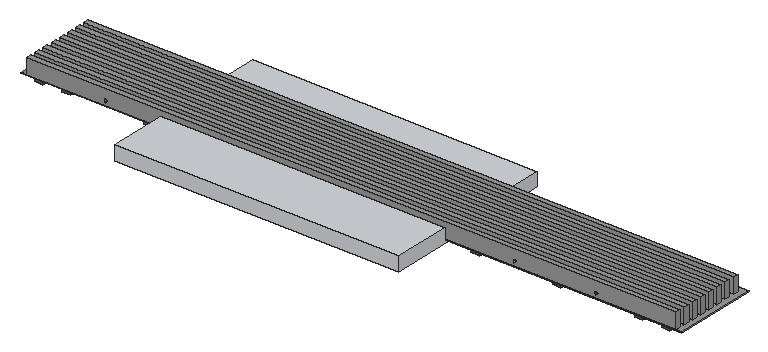
Revit family "1413-8, Solid", category Generic Models, host Face, Revit 2020
Family settings
  Host = Face
  Can host rebar = No
  Round Connector Dimension = Use Diameter
  Part Type = Normal
  Cut with Voids When Loaded = No
  Shared = No
  Room Calculation Point = No
Parameters
  min_value [instance] = 2' - 4"  # constant formula
  max_value [instance] = 11' - 11 1/4"  # constant formula
  actual_value [instance] = if(NET LENGTH < min_value, min_value, if(NET LENGTH > max_value, max_value, NET LENGTH))  # 7' - 11 1/4"
  SCRIM MATERIAL [instance] = SCRIM
  SCRIM APPEARANCE [instance] = yes
  NET LENGTH [instance] = 7' - 11 1/4"
  IMPORTANT NOTE!!!                                                                             *Backer & dowel layout is for visualization purposes only, final layout to be determined by 9Wood. [instance] = ""
  Default Elevation = 4' - 0"
  DOWEL RADIUS [instance] = 0' - 0 1/4"  # constant formula
  BACKER & DOWEL MATERIAL [instance] = BLACK-BACKERS
  .. MEMBER WIDTH [instance] = 0' - 0 3/4"  # constant formula
  .. MEMBER MATERIAL [instance] = Solid Western Hemlock
  .. MEMBER DEPTH [instance] = 0' - 2 1/4"  # constant formula
  .. MEMBER COUNT [instance] = 8  # constant formula
Reference planes (in)
  plane 1 "Center (Front/Back)": y = 0
  plane 2: z = 0
  plane 3 "Center (Left/Right)": x = 0
Forms (in)
  Extrusion 1, solid
    sketch origin (0, 0, 0) x (1, 0, 0) y (0, 1, 0)
      loop
        line (-24.24823, 14.63962) -> (-24.24823, -10.69266) -> (17.36192, -10.69266) -> (17.36192, 14.63962) -> (-24.24823, 14.63962)
    from 0 to 2.0625
Dimensions and locks (in)
  aligned and locked: plane 2 to Extrusion 1
Nested families (in)
  nested 1: "1400 series" at (-44.01308, -2.1224, 0.00189), NET LENGTH <- "actual_value", .. MEMBER DEPTH <- ".. MEMBER DEPTH", .. MEMBER WIDTH <- ".. MEMBER WIDTH", DOWEL RADIUS <- "DOWEL RADIUS", BACKER & DOWEL MATERIAL <- "BACKER & DOWEL MATERIAL", .. MEMBER MATERIAL <- ".. MEMBER MATERIAL", SCRIM MATERIAL <- "SCRIM MATERIAL", MEMBER COUNT <- ".. MEMBER COUNT", SCRIM APPEARANCE <- "SCRIM APPEARANCE", type "1400 series"
    with X 7' - 8", SCRIM MATERIAL SCRIM, SCRIM LENGTH 8' - 1", SCRIM APPEARANCE yes, SCRIM 2 0' - 0 7/8", SCRIM 1 0' - 0 3/32", OC TYP 1' - 0", NET LENGTH 7' - 11 1/4", N 8, MEMBER COUNT 8, INSET 2 0' - 0 3/16", INSET 0' - 1", HALF MEMBER WIDTH 0' - 0 3/8", END BACKER yes, DOWEL RADIUS 0' - 0 1/4", DOWEL INDEX 0' - 11 5/8", DOWEL COUNT 7, BACKING M COUNT 8, BACKER WIDTH 0' - 1 1/4", BACKER INDEX 0' - 5 5/8", BACKER DEPTH 0' - 0 1/2", BACKER & DOWEL MATERIAL BLACK-BACKERS, BACKER &  DOWEL LENGTH 0' - 11 7/8", .. MEMBER WIDTH 0' - 0 3/4", .. MEMBER OC TYP 0' - 1 1/2", .. MEMBER MATERIAL Solid Western Hemlock, .. MEMBER DEPTH 0' - 2 1/4"
Definition of nested family "1400 series"
  Parameters (values of type "1400 series")
    X [instance] = NET LENGTH - 0' 3 1/4"  # 7' - 2"
    SCRIM MATERIAL [instance] = none
    SCRIM APPEARANCE [instance] = yes
    SCRIM 2 [instance] = 0' - 0 7/8"  # constant formula
    SCRIM 1 [instance] = 0' - 0 3/32"  # constant formula
    OC TYP [instance] = 1' - 0"  # constant formula
    N [instance] = if((X - (rounddown(X / 1' 0") * 1' 0")) > 1' 0", rounddown(X / 1' 0") + 2, rounddown(X / 1' 0") + 1)  # 8
    MEMBER COUNT [instance] = 2
    INSET 5 = 0' - 0 11/16"  # constant formula
    INSET 2 [instance] = 0' - 0 3/16"  # constant formula
    INSET [instance] = 0' - 1"  # constant formula
    END BACKER [instance] = BACKER INDEX > 0' 3 5/8"  # no
    HALF MEMBER WIDTH [instance] = .. MEMBER WIDTH / 2  # 0' - 1 1/8"
    Default Elevation = 0' - 0"
    DOWEL RADIUS [instance] = 0' - 0 1/4"
    DOWEL INDEX [instance] = BACKER INDEX + 0' 6"  # 0' - 8 5/8"
    DOWEL COUNT [instance] = N - 1  # 7
    BACKER WIDTH [instance] = 0' - 1 1/4"  # constant formula
    BACKER INDEX [instance] = (NET LENGTH - ((N - 1) * 1' 0")) / 2  # 0' - 2 5/8"
    BACKER DEPTH [instance] = 0' - 0 1/2"  # constant formula
    BACKING M COUNT [instance] = N  # 8
    BACKER & DOWEL MATERIAL [instance] = none
    BACKER &  DOWEL LENGTH [instance] = 0' - 11 7/8"  # constant formula
    SCRIM LENGTH [instance] = NET LENGTH + (SCRIM 2 * 2)  # 7' - 7"
    .. MEMBER WIDTH [instance] = 0' - 2 1/4"
    .. MEMBER OC TYP [instance] = 1' 0" / MEMBER COUNT  # 0' - 6"
    .. MEMBER MATERIAL [instance] = none
    NET LENGTH [instance] = 7' - 5 1/4"
    .. MEMBER DEPTH [instance] = 0' - 4"
  Reference planes (in)
    plane 1 "Center (Front/Back)": y = 0
    plane 2: z = 0
    plane 3 "Center (Left/Right)": x = 0
    plane 4: x = 89.25
    plane 5: x = 1
    plane 6: x = 88.25
    plane 7: x = 2.625
    plane 8: x = 8.625
    plane 9: x = 14.625
    plane 10: x = 20.625
    plane 11: y = 0.1875
    plane 12: y = 1.125
    plane 13: y = 7.125
    plane 14: y = 12.0625
    plane 15: x = 90.125
    plane 16: x = -0.875
    plane 17: y = 12.15625
    plane 18: y = -0.09375
    plane 19: z = 2.7097
    plane 20: z = 0.49811
    plane 21: z = 0.56061
    plane 22: z = 1.24811
  Lines and regions (in)
    model lines, not visible
      curve 1: line (8.625, 0, 0.99811) -> (8.625, 0, 1.49811)
      curve 2: line (8.625, 0, 1.49811) -> (8.375, 0, 1.24811)
      curve 3: line (8.375, 0, 1.24811) -> (8.875, 0, 1.24811)
      curve 4: line (20.625, 0, 0.99811) -> (20.625, 0, 1.49811)
      curve 5: line (20.625, 0, 1.49811) -> (20.375, 0, 1.24811)
      curve 6: line (20.375, 0, 1.24811) -> (20.875, 0, 1.24811)
      curve 7: line (32.625, 0, 0.99811) -> (32.625, 0, 1.49811)
      curve 8: line (32.625, 0, 1.49811) -> (32.375, 0, 1.24811)
      curve 9: line (32.375, 0, 1.24811) -> (32.875, 0, 1.24811)
      curve 10: line (44.625, 0, 0.99811) -> (44.625, 0, 1.49811)
      curve 11: line (44.625, 0, 1.49811) -> (44.375, 0, 1.24811)
      curve 12: line (44.375, 0, 1.24811) -> (44.875, 0, 1.24811)
      curve 13: line (56.625, 0, 0.99811) -> (56.625, 0, 1.49811)
      curve 14: line (56.625, 0, 1.49811) -> (56.375, 0, 1.24811)
      curve 15: line (56.375, 0, 1.24811) -> (56.875, 0, 1.24811)
      curve 16: line (68.625, 0, 0.99811) -> (68.625, 0, 1.49811)
      curve 17: line (68.625, 0, 1.49811) -> (68.375, 0, 1.24811)
      curve 18: line (68.375, 0, 1.24811) -> (68.875, 0, 1.24811)
      curve 19: line (80.625, 0, 0.99811) -> (80.625, 0, 1.49811)
      curve 20: line (80.625, 0, 1.49811) -> (80.375, 0, 1.24811)
      curve 21: line (80.375, 0, 1.24811) -> (80.875, 0, 1.24811)
  Dimensions and locks (in)
    "INSET": plane 3 "Center (Left/Right)" to plane 5
    "NET LENGTH": plane 3 "Center (Left/Right)" to plane 4
    "INSET": plane 6 to plane 4
    "BACKER INDEX": plane 3 "Center (Left/Right)" to plane 7
    "DOWEL INDEX": plane 3 "Center (Left/Right)" to plane 8
    "OC TYP": plane 7 to plane 9
    "OC TYP": plane 8 to plane 10
    "INSET 2": plane 1 "Center (Front/Back)" to plane 11
    equal spacing: group 1, group 2, group 5, group 6, group 7, group 13, group 14, group 16  (x3)
    equal spacing: group 3, group 4, group 8, group 9, group 10, group 15, group 17  (x3)
    group 11 to group 12 = 0' - 0"  (x2)
    group 11 to group 12 = 0' - 6"
    ".. MEMBER OC TYP": plane 13 to plane 12
    "HALF MEMBER WIDTH": plane 1 "Center (Front/Back)" to plane 12
    "SCRIM 2": plane 16 to plane 3 "Center (Left/Right)"
    "SCRIM 2": plane 4 to plane 15
    "SCRIM 1": plane 18 to plane 1 "Center (Front/Back)"
    "SCRIM 1": plane 17 to plane 14
    "INSET 5": plane 22 to plane 21
    aligned and locked: level to plane 2
    aligned and locked: plane 7 to nested 2
    aligned and locked: plane 5 to nested 1
    aligned and locked: plane 9 to nested 3
    aligned and locked: nested 1 to plane 5
    aligned and locked: nested 2 to plane 11
    aligned and locked: nested 1 to plane 11
    aligned and locked: nested 3 to plane 11
    aligned and locked: nested 4 to plane 11  (x2)
    aligned and locked: plane 10 to nested 5
    aligned and locked: plane 6 to nested 12
    aligned and locked: nested 5 to plane 11
    aligned and locked: plane 11 to nested 12
    aligned and locked: plane 12 to nested 13
    aligned and locked: nested 14 to plane 13
    aligned and locked: plane 14 to nested 8
    aligned and locked: plane 16 to nested 15
    aligned and locked: nested 15 to plane 18
    aligned and locked: nested 15 to plane 17
    aligned and locked: nested 15 to plane 16  (x2)
    aligned and locked: nested 1 to level
    aligned and locked: level to nested 3
    aligned and locked: plane 20 to nested 2
    aligned and locked: plane 20 to nested 1
    aligned and locked: plane 20 to nested 3
    aligned and locked: nested 12 to plane 20
    aligned and locked: nested 15 to plane 20
    aligned and locked: plane 21 to nested 15
    aligned and locked: nested 13 to plane 21
    aligned and locked: plane 22 to nested 4
    aligned and locked: plane 22 to nested 5
    aligned and locked: nested 13 to plane 8
    aligned and locked: plane 10 to nested 13
    aligned and locked: curve 1 to nested 13
    aligned and locked: nested 13 to curve 4
  Automatic sketch dimensions
    curve 3 to curve 1 = 0' - 0 1/4"  (x2)
    curve 1 to curve 3 = 0' - 0 1/4"
    curve 1 to curve 2 = 0' - 0 1/4"
    curve 6 to curve 4 = 0' - 0 1/4"  (x2)
    curve 4 to curve 6 = 0' - 0 1/4"
    curve 4 to curve 5 = 0' - 0 1/4"
    curve 9 to curve 7 = 0' - 0 1/4"  (x2)
    curve 7 to curve 9 = 0' - 0 1/4"
    curve 7 to curve 8 = 0' - 0 1/4"
    curve 12 to curve 10 = 0' - 0 1/4"  (x2)
    curve 10 to curve 12 = 0' - 0 1/4"
    curve 10 to curve 11 = 0' - 0 1/4"
    curve 15 to curve 13 = 0' - 0 1/4"  (x2)
    curve 13 to curve 15 = 0' - 0 1/4"
    curve 13 to curve 14 = 0' - 0 1/4"
    curve 18 to curve 16 = 0' - 0 1/4"  (x2)
    curve 16 to curve 18 = 0' - 0 1/4"
    curve 16 to curve 17 = 0' - 0 1/4"
    curve 21 to curve 19 = 0' - 0 1/4"  (x2)
    curve 19 to curve 21 = 0' - 0 1/4"
    curve 19 to curve 20 = 0' - 0 1/4"
  Nested families (in)
    nested 1: "INSTANCE - 3RD -  EXTEND BOTH SIDES - Parametric Cube.0001" at (1, 0.1875, 0.49811), Length <- "BACKER &  DOWEL LENGTH", Width <- "BACKER WIDTH", Height <- "BACKER DEPTH", Material <- "BACKER & DOWEL MATERIAL", visible <- "END BACKER", type "INSTANCE - 3RD -  EXTEND BOTH SIDES - Parametric Cube.0001"
      with Width 0' - 1 1/4", Material none, Length 0' - 11 7/8", Height 0' - 0 1/2"
    nested 2: "INSTANCE - 2ND -  EXTEND SIDE H CENTER W - Parametric Cube.0001" at (2.625, 0.1875, 0.49811), Width <- "BACKER WIDTH", Length <- "BACKER &  DOWEL LENGTH", Height <- "BACKER DEPTH", Material <- "BACKER & DOWEL MATERIAL", type "INSTANCE - 2ND -  EXTEND SIDE H CENTER W - Parametric Cube.0001"
      with Width 0' - 1 1/4", Material none, Length 0' - 11 7/8", Height 0' - 0 1/2"
    nested 3: "INSTANCE - 2ND -  EXTEND SIDE H CENTER W - Parametric Cube.0001" at (14.625, 0.1875, 0.49811), Width <- "BACKER WIDTH", Length <- "BACKER &  DOWEL LENGTH", Height <- "BACKER DEPTH", Material <- "BACKER & DOWEL MATERIAL", type "INSTANCE - 2ND -  EXTEND SIDE H CENTER W - Parametric Cube.0001"
      with Width 0' - 1 1/4", Material none, Length 0' - 11 7/8", Height 0' - 0 1/2"
    nested 4: "DOWEL" at (-1.375, 0.1875, 1.24811), DOWEL LENGTH <- "BACKER &  DOWEL LENGTH", DOWEL RADII <- "DOWEL RADIUS", BACKING MEM MATERIAL <- "BACKER & DOWEL MATERIAL", type "DOWEL"
      with DOWEL RADII 0' - 0 1/4", DOWEL LENGTH 0' - 11 7/8", BACKING MEM MATERIAL none
    nested 5: "DOWEL" at (10.625, 0.1875, 1.24811), DOWEL LENGTH <- "BACKER &  DOWEL LENGTH", DOWEL RADII <- "DOWEL RADIUS", BACKING MEM MATERIAL <- "BACKER & DOWEL MATERIAL", type "DOWEL"
      with DOWEL RADII 0' - 0 1/4", DOWEL LENGTH 0' - 11 7/8", BACKING MEM MATERIAL none
    nested 6: "INSTANCE - 2ND -  EXTEND SIDE H CENTER W - Parametric Cube.0001" at (26.625, 0.1875, 0.49811), Width <- "BACKER WIDTH", Length <- "BACKER &  DOWEL LENGTH", Height <- "BACKER DEPTH", Material <- "BACKER & DOWEL MATERIAL", type "INSTANCE - 2ND -  EXTEND SIDE H CENTER W - Parametric Cube.0001"
      with Width 0' - 1 1/4", Material none, Length 0' - 11 7/8", Height 0' - 0 1/2"
    nested 7: "INSTANCE - 2ND -  EXTEND SIDE H CENTER W - Parametric Cube.0001" at (38.625, 0.1875, 0.49811), Width <- "BACKER WIDTH", Length <- "BACKER &  DOWEL LENGTH", Height <- "BACKER DEPTH", Material <- "BACKER & DOWEL MATERIAL", type "INSTANCE - 2ND -  EXTEND SIDE H CENTER W - Parametric Cube.0001"
      with Width 0' - 1 1/4", Material none, Length 0' - 11 7/8", Height 0' - 0 1/2"
    nested 8: "INSTANCE - 2ND -  EXTEND SIDE H CENTER W - Parametric Cube.0001" at (50.625, 0.1875, 0.49811), Width <- "BACKER WIDTH", Length <- "BACKER &  DOWEL LENGTH", Height <- "BACKER DEPTH", Material <- "BACKER & DOWEL MATERIAL", type "INSTANCE - 2ND -  EXTEND SIDE H CENTER W - Parametric Cube.0001"
      with Width 0' - 1 1/4", Material none, Length 0' - 11 7/8", Height 0' - 0 1/2"
    nested 9: "DOWEL" at (22.625, 0.1875, 1.24811), DOWEL LENGTH <- "BACKER &  DOWEL LENGTH", DOWEL RADII <- "DOWEL RADIUS", BACKING MEM MATERIAL <- "BACKER & DOWEL MATERIAL", type "DOWEL"
      with DOWEL RADII 0' - 0 1/4", DOWEL LENGTH 0' - 11 7/8", BACKING MEM MATERIAL none
    nested 10: "DOWEL" at (34.625, 0.1875, 1.24811), DOWEL LENGTH <- "BACKER &  DOWEL LENGTH", DOWEL RADII <- "DOWEL RADIUS", BACKING MEM MATERIAL <- "BACKER & DOWEL MATERIAL", type "DOWEL"
      with DOWEL RADII 0' - 0 1/4", DOWEL LENGTH 0' - 11 7/8", BACKING MEM MATERIAL none
    nested 11: "DOWEL" at (46.625, 0.1875, 1.24811), DOWEL LENGTH <- "BACKER &  DOWEL LENGTH", DOWEL RADII <- "DOWEL RADIUS", BACKING MEM MATERIAL <- "BACKER & DOWEL MATERIAL", type "DOWEL"
      with DOWEL RADII 0' - 0 1/4", DOWEL LENGTH 0' - 11 7/8", BACKING MEM MATERIAL none
    nested 12: "INSTANCE - 3RD -  EXTEND BOTH SIDES - Parametric Cube.0001" at (88.25, 0.1875, 0.49811) x (-1, 0, 0) z (0, 0, 1), Width <- "BACKER WIDTH", Length <- "BACKER &  DOWEL LENGTH", Height <- "BACKER DEPTH", Material <- "BACKER & DOWEL MATERIAL", visible <- "END BACKER", type "INSTANCE - 3RD -  EXTEND BOTH SIDES - Parametric Cube.0001"
      with Width 0' - 1 1/4", Material none, Length 0' - 11 7/8", Height 0' - 0 1/2"
    nested 13: "HOLED MEMBER" at (0, -9.75, 8.12965), DOWEL INDEX <- "DOWEL INDEX", .. MEMBER LENGTH <- "NET LENGTH", .. MEMBER WIDTH <- ".. MEMBER WIDTH", DOWEL OC DIST <- "OC TYP", DOWEL RADII <- "DOWEL RADIUS", Material <- ".. MEMBER MATERIAL", DEPTH <- ".. MEMBER DEPTH", DOWEL COUNT <- "DOWEL COUNT", Space <- "INSET 5", type "HOLED MEMBER"
      with Space 0' - 0 11/16", Material none, Height 0' - 10.43096", HALF MEMBER WIDTH 0' - 1 1/8", DOWEL RADII 0' - 0 1/4", DOWEL OC DIST 1' - 0", DOWEL INDEX 0' - 8 5/8", DOWEL COUNT 7, DEPTH 0' - 4", .. MEMBER WIDTH 0' - 2 1/4", .. MEMBER LENGTH 7' - 5 1/4"
    nested 14: "HOLED MEMBER" at (0, -3.75, 8.12965), DOWEL INDEX <- "DOWEL INDEX", .. MEMBER LENGTH <- "NET LENGTH", .. MEMBER WIDTH <- ".. MEMBER WIDTH", DOWEL OC DIST <- "OC TYP", DOWEL RADII <- "DOWEL RADIUS", Material <- ".. MEMBER MATERIAL", DEPTH <- ".. MEMBER DEPTH", DOWEL COUNT <- "DOWEL COUNT", Space <- "INSET 5", type "HOLED MEMBER"
      with Space 0' - 0 11/16", Material none, Height 0' - 10.43096", HALF MEMBER WIDTH 0' - 1 1/8", DOWEL RADII 0' - 0 1/4", DOWEL OC DIST 1' - 0", DOWEL INDEX 0' - 8 5/8", DOWEL COUNT 7, DEPTH 0' - 4", .. MEMBER WIDTH 0' - 2 1/4", .. MEMBER LENGTH 7' - 5 1/4"
    nested 15: "INSTANCE - 3RD -  EXTEND BOTH SIDES - Parametric Cube.0001" at (-0.875, -0.09375, 0.56061), Width <- "SCRIM LENGTH", Material <- "SCRIM MATERIAL", visible <- "SCRIM APPEARANCE", type "INSTANCE - 3RD -  EXTEND BOTH SIDES - Parametric Cube.0001"
      with Width 7' - 7", Material none, Length 1' - 0 1/4", Height 0' - 0 1/16"
    nested 16: "INSTANCE - 2ND -  EXTEND SIDE H CENTER W - Parametric Cube.0001" at (62.625, 0.1875, 0.49811), Width <- "BACKER WIDTH", Length <- "BACKER &  DOWEL LENGTH", Height <- "BACKER DEPTH", Material <- "BACKER & DOWEL MATERIAL", type "INSTANCE - 2ND -  EXTEND SIDE H CENTER W - Parametric Cube.0001"
      with Width 0' - 1 1/4", Material none, Length 0' - 11 7/8", Height 0' - 0 1/2"
    nested 17: "INSTANCE - 2ND -  EXTEND SIDE H CENTER W - Parametric Cube.0001" at (74.625, 0.1875, 0.49811), Width <- "BACKER WIDTH", Length <- "BACKER &  DOWEL LENGTH", Height <- "BACKER DEPTH", Material <- "BACKER & DOWEL MATERIAL", type "INSTANCE - 2ND -  EXTEND SIDE H CENTER W - Parametric Cube.0001"
      with Width 0' - 1 1/4", Material none, Length 0' - 11 7/8", Height 0' - 0 1/2"
    nested 18: "DOWEL" at (58.625, 0.1875, 1.24811), DOWEL LENGTH <- "BACKER &  DOWEL LENGTH", DOWEL RADII <- "DOWEL RADIUS", BACKING MEM MATERIAL <- "BACKER & DOWEL MATERIAL", type "DOWEL"
      with DOWEL RADII 0' - 0 1/4", DOWEL LENGTH 0' - 11 7/8", BACKING MEM MATERIAL none
    nested 19: "INSTANCE - 2ND -  EXTEND SIDE H CENTER W - Parametric Cube.0001" at (86.625, 0.1875, 0.49811), Width <- "BACKER WIDTH", Length <- "BACKER &  DOWEL LENGTH", Height <- "BACKER DEPTH", Material <- "BACKER & DOWEL MATERIAL", type "INSTANCE - 2ND -  EXTEND SIDE H CENTER W - Parametric Cube.0001"
      with Width 0' - 1 1/4", Material none, Length 0' - 11 7/8", Height 0' - 0 1/2"
    nested 20: "DOWEL" at (70.625, 0.1875, 1.24811), DOWEL LENGTH <- "BACKER &  DOWEL LENGTH", DOWEL RADII <- "DOWEL RADIUS", BACKING MEM MATERIAL <- "BACKER & DOWEL MATERIAL", type "DOWEL"
      with DOWEL RADII 0' - 0 1/4", DOWEL LENGTH 0' - 11 7/8", BACKING MEM MATERIAL none
  Definition of nested family "INSTANCE - 3RD -  EXTEND BOTH SIDES - Parametric Cube.0001"
    Parameters (values of type "INSTANCE - 3RD -  EXTEND BOTH SIDES - Parametric Cube.0001")
      Width [instance] = 0' - 6"
      Material [instance] = none
      Length [instance] = 1' - 0"
      Height [instance] = 1' - 6"
      Default Elevation = 0' - 0"
    Reference planes (in)
      plane 1 "Center (Front/Back)": y = 0
      plane 2: z = 0
      plane 3 "Center (Left/Right)": x = 0
      plane 4: x = 6
      plane 5: y = 12
      plane 6: z = -18
    Forms (in)
      Extrusion 1, solid, material <- "Material"
        sketch origin (0, 6, 0) x (1, 0, 0) y (0, 1, 0)
          loop
            line (0, 6) -> (0, -6) -> (6, -6) -> (6, 6) -> (0, 6)
        from -18 to 0
    Dimensions and locks (in)
      "Height": plane 6 to level
      "Length": plane 1 "Center (Front/Back)" to plane 5
      "Width": plane 3 "Center (Left/Right)" to plane 4
      aligned and locked: plane 2 to level
      aligned and locked: Extrusion 1 sketch curve to plane 4
      aligned and locked: Extrusion 1 to plane 6
      aligned and locked: plane 5 to Extrusion 1
      aligned and locked: Extrusion 1 to plane 3 "Center (Left/Right)"
    Automatic sketch dimensions
      plane 1 "Center (Front/Back)" to Extrusion 1 sketch curve = 0' - 0"
      plane 5 to Extrusion 1 sketch curve = 0' - 0"
      Extrusion 1 sketch curve to plane 3 "Center (Left/Right)" = 0' - 0"
  Definition of nested family "INSTANCE - 2ND -  EXTEND SIDE H CENTER W - Parametric Cube.0001"
    Parameters (values of type "INSTANCE - 2ND -  EXTEND SIDE H CENTER W - Parametric Cube.0001")
      Width [instance] = 0' - 6"
      Material [instance] = none
      Length [instance] = 1' - 0"
      Height [instance] = 1' - 6"
      Default Elevation = 0' - 0"
    Reference planes (in)
      plane 1 "Center (Front/Back)": y = 0
      plane 2: z = 0
      plane 3 "Center (Left/Right)": x = 0
      plane 4: x = -3
      plane 5: x = 3
      plane 6: y = 12
      plane 7: z = -18
    Forms (in)
      Extrusion 1, solid, material <- "Material"
        sketch origin (0, 6, 0) x (1, 0, 0) y (0, 1, 0)
          loop
            line (-3, 6) -> (-3, -6) -> (3, -6) -> (3, 6) -> (-3, 6)
        from -18 to 0
    Dimensions and locks (in)
      equal spacing: plane 4, plane 3 "Center (Left/Right)", plane 5
      "Width": plane 4 to plane 5
      "Height": plane 7 to level
      "Length": plane 1 "Center (Front/Back)" to plane 6
      aligned and locked: plane 2 to level
      aligned and locked: plane 4 to Extrusion 1 sketch curve
      aligned and locked: Extrusion 1 sketch curve to plane 5
      aligned and locked: Extrusion 1 to plane 7
      aligned and locked: plane 6 to Extrusion 1
    Automatic sketch dimensions
      plane 1 "Center (Front/Back)" to Extrusion 1 sketch curve = 0' - 0"
      plane 6 to Extrusion 1 sketch curve = 0' - 0"
  Definition of nested family "DOWEL"
    Parameters (values of type "DOWEL")
      Default Elevation = 0' - 0"
      DOWEL RADII [instance] = 0' - 0 5/8"
      DOWEL LENGTH [instance] = 1' - 0"
      BACKING MEM MATERIAL [instance] = none
    Reference planes (in)
      plane 1 "Center (Front/Back)": y = 0
      plane 2: z = 0
      plane 3 "Center (Left/Right)": x = 0
      plane 4: y = 12
    Forms (in)
      Extrusion 1, solid, material <- "BACKING MEM MATERIAL"
        sketch origin (10, 0, 0) x (1, 0, 0) y (0, 0, 1)
          loop
            circle (0, 0) r 0.625
        from 0 to -12
      Extrusion 2, solid, not visible
        sketch origin (0, 0, 0) x (1, 0, 0) y (0, 0, 1)
          loop
            circle (0, 0) r 0.625
        from 0 to 12
      Extrusion 3, solid, not visible
        sketch origin (10, 0, 0) x (1, 0, 0) y (0, 0, 1)
          loop
            circle (0, 0) r 0.625
        from 0 to 2.5
      Extrusion 4, solid, not visible
        sketch origin (10, 0, 0) x (1, 0, 0) y (0, 0, 1)
          loop
            circle (0, 0) r 0.625
        from 0 to -12
    Lines and regions (in)
      model lines, not visible
        curve 1: line (-13, 0, 0) -> (-13, -12, 0)
        curve 2: line (13, 0, 0) -> (13, -12, 0)
        curve 3: line (9.89453, 0, 0) -> (10.08794, 0, 0)
        curve 4: line (9.89453, -2.5, 0) -> (10.08794, -2.5, 0)
        curve 6: line (10, 0, 0) -> (10, 2, 0)
      model lines
        curve 5: line (10, 0, 0) -> (10, 2, 0)
    Dimensions and locks (in)
      "DOWEL LENGTH": plane 1 "Center (Front/Back)" to plane 4
      "DOWEL RADII": radius of Extrusion 1 sketch curve
      "DOWEL RADII": radius of Extrusion 2 sketch curve
      "DOWEL RADII": radius of Extrusion 3 sketch curve
      "DOWEL RADII": radius of Extrusion 4 sketch curve
      "DOWEL RADII": radius of Extrusion 1
      aligned and locked: plane 2 to level
      aligned and locked: Extrusion 1 to plane 1 "Center (Front/Back)"  (x3)
      aligned and locked: plane 1 "Center (Front/Back)" to Extrusion 1
      aligned and locked: plane 4 to Extrusion 1
    Automatic sketch dimensions
      plane 1 "Center (Front/Back)" to curve 5 = 0' - 0"
      curve 5 to plane 1 "Center (Front/Back)" = 0' - 2"
      plane 3 "Center (Left/Right)" to curve 5 = 0' - 10"
      Extrusion 1 sketch curve to level = 0' - 0"
      plane 3 "Center (Left/Right)" to Extrusion 1 sketch curve = 0' - 10"
  Definition of nested family "HOLED MEMBER"
    Parameters (values of type "HOLED MEMBER")
      Space [instance] = 0' - 0 5/8"
      Material [instance] = none
      Height [instance] = 0' - 10.43096"
      HALF MEMBER WIDTH [instance] = .. MEMBER WIDTH / 2  # 0' - 0 5/16"
      Default Elevation = 0' - 0"
      DOWEL RADII [instance] = 0' - 0.34537"
      DOWEL OC DIST [instance] = 1' - 0"
      DOWEL INSET = 0' - 0 5/8"
      DOWEL INDEX [instance] = 0' - 5 5/8"
      DOWEL COUNT [instance] = 6
      DEPTH [instance] = 0' - 2"
      .. MEMBER WIDTH [instance] = 0' - 0 5/8"
      .. MEMBER LENGTH [instance] = 5' - 11 3/4"
    Reference planes (in)
      plane 1 "Center (Front/Back)": y = 12
      plane 2: z = -7.56904
      plane 3 "Center (Left/Right)": x = 0
      plane 4: x = 5.625
      plane 5: x = 17.625
      plane 6: y = 11.375
      plane 7: x = 71.75
      plane 8: y = 11.6875
      plane 9: z = -6.94404
      plane 10: z = -5.56904
    Forms (in)
      Extrusion 1, solid, material <- "Material"
        sketch origin (0, 12, -13.56904) x (1, 0, 0) y (0, 0, 1)
          loop
            line (0, 6) -> (71.75, 6) -> (71.75, 8) -> (0, 8) -> (0, 6)
        from 0.625 to 0
      Extrusion 2, void
        sketch origin (0, 12, -18.31904) x (1, 0, 0) y (0, 0, 1)
          loop
            circle (5.625, 11.375) r 0.34537
        from 0 to 12
      Extrusion 3, void, not visible
        sketch origin (0, 0, 0) x (1, 0, 0) y (0, 1, 0)
          loop
            circle (5.625, 11.375) r 0.34537
        from 0 to 12
      Extrusion 4, void, not visible
        sketch origin (0, 0, 0) x (1, 0, 0) y (0, 1, 0)
          loop
            circle (5.625, 11.375) r 0.34537
        from 0 to 12
      Extrusion 5, void, not visible
        sketch origin (12, 0, 0) x (1, 0, 0) y (0, 1, 0)
          loop
            circle (5.625, 11.375) r 0.34537
        from 0 to 12
      Extrusion 6, void, not visible
        sketch origin (0, 12, -17.56904) x (1, 0, 0) y (0, 0, 1)
          loop
            circle (5.625, 11.375) r 0.34537
        from 0 to 12
      Extrusion 7, void, not visible
        sketch origin (12, 12, -17.56904) x (1, 0, 0) y (0, 0, 1)
          loop
            circle (5.625, 11.375) r 0.34537
        from 0 to 12
      Extrusion 8, void, not visible
        sketch origin (0, 12, -19.56904) x (1, 0, 0) y (0, 0, 1)
          loop
            circle (5.625, 11.375) r 0.34537
        from 0 to 12
      Extrusion 9, void
        sketch origin (12, 12, -18.31904) x (1, 0, 0) y (0, 0, 1)
          loop
            circle (5.625, 11.375) r 0.34537
        from 0 to 12
      Extrusion 10, void
        sketch origin (24, 12, -18.31904) x (1, 0, 0) y (0, 0, 1)
          loop
            circle (5.625, 11.375) r 0.34537
        from 0 to 12
      Extrusion 11, void
        sketch origin (36, 12, -18.31904) x (1, 0, 0) y (0, 0, 1)
          loop
            circle (5.625, 11.375) r 0.34537
        from 0 to 12
      Extrusion 12, void
        sketch origin (48, 12, -18.31904) x (1, 0, 0) y (0, 0, 1)
          loop
            circle (5.625, 11.375) r 0.34537
        from 0 to 12
      Extrusion 13, void
        sketch origin (60, 12, -18.31904) x (1, 0, 0) y (0, 0, 1)
          loop
            circle (5.625, 11.375) r 0.34537
        from 0 to 12
      Extrusion 14, void, not visible
        sketch origin (24, 12, -17.56904) x (1, 0, 0) y (0, 0, 1)
          loop
            circle (5.625, 11.375) r 0.34537
        from 0 to 12
      Extrusion 15, void, not visible
        sketch origin (36, 12, -17.56904) x (1, 0, 0) y (0, 0, 1)
          loop
            circle (5.625, 11.375) r 0.34537
        from 0 to 12
      Extrusion 16, void, not visible
        sketch origin (48, 12, -17.56904) x (1, 0, 0) y (0, 0, 1)
          loop
            circle (5.625, 11.375) r 0.34537
        from 0 to 12
      Extrusion 17, void, not visible
        sketch origin (60, 12, -17.56904) x (1, 0, 0) y (0, 0, 1)
          loop
            circle (5.625, 11.375) r 0.34537
        from 0 to 12
      Extrusion 18, void, not visible
        sketch origin (24, 0, 0) x (1, 0, 0) y (0, 1, 0)
          loop
            circle (5.625, 11.375) r 0.34537
        from 0 to 12
      Extrusion 19, void, not visible
        sketch origin (36, 0, 0) x (1, 0, 0) y (0, 1, 0)
          loop
            circle (5.625, 11.375) r 0.34537
        from 0 to 12
      Extrusion 20, void, not visible
        sketch origin (48, 0, 0) x (1, 0, 0) y (0, 1, 0)
          loop
            circle (5.625, 11.375) r 0.34537
        from 0 to 12
      Extrusion 21, void, not visible
        sketch origin (60, 0, 0) x (1, 0, 0) y (0, 1, 0)
          loop
            circle (5.625, 11.375) r 0.34537
        from 0 to 12
    Cuts and joins
      Extrusion 2, Extrusion 9, Extrusion 10, Extrusion 11, Extrusion 12, Extrusion 13 cuts Extrusion 1
    Lines and regions (in)
      model lines, not visible
        curve 1: line (5.625, 11.72037, 0) -> (5.625, 11.02963, 0)
        curve 2: line (5.625, 11.72037, 0) -> (5.625, 11.02963, 0)
        curve 3: line (17.625, 11.72037, 0) -> (17.625, 11.02963, 0)
        curve 4: line (5.625, 12, -7.56904) -> (5.625, 11.87317, -7.56904)
        curve 5: line (5.625, 11.87317, -7.56904) -> (5.06195, 11.87317, -7.56904)
        curve 6: line (5.06195, 11.87317, -7.56904) -> (5.27963, 11.375, -7.56904)
        curve 7: line (0, 12, -6.19404) -> (0, 11.61951, -6.19404)
        curve 9: line (0, 11.375, -8.19404) -> (0, 11.6747, -8.19404)
        curve 10: line (5.625, 12, -7.56904) -> (5.625, 11.69863, -7.56904)
        curve 11: line (5.625, 12, -7.56904) -> (5.625, 11.69863, -7.56904)
        curve 12: line (5.625, 10.75, 0) -> (5.625, 10.75, 0.30137)
        curve 13: line (5.625, 10.75, 0) -> (5.625, 10.75, 0.30137)
        curve 14: line (17.625, 10.75, 0) -> (17.625, 10.75, 0.30137)
        curve 15: line (5.625, 12, -6.81904) -> (5.625, 11.69863, -6.81904)
        curve 16: line (17.625, 12, -6.81904) -> (17.625, 11.69863, -6.81904)
        curve 17: line (5.625, 12, -8.81904) -> (5.625, 11.69863, -8.81904)
        curve 18: line (17.625, 12, -7.56904) -> (17.625, 11.69863, -7.56904)
        curve 19: line (29.625, 12, -7.56904) -> (29.625, 11.69863, -7.56904)
        curve 20: line (41.625, 12, -7.56904) -> (41.625, 11.69863, -7.56904)
        curve 21: line (53.625, 12, -7.56904) -> (53.625, 11.69863, -7.56904)
        curve 22: line (65.625, 12, -7.56904) -> (65.625, 11.69863, -7.56904)
        curve 23: line (29.625, 12, -6.81904) -> (29.625, 11.69863, -6.81904)
        curve 24: line (41.625, 12, -6.81904) -> (41.625, 11.69863, -6.81904)
        curve 25: line (53.625, 12, -6.81904) -> (53.625, 11.69863, -6.81904)
        curve 26: line (65.625, 12, -6.81904) -> (65.625, 11.69863, -6.81904)
        curve 27: line (29.625, 11.72037, 0) -> (29.625, 11.02963, 0)
        curve 28: line (29.625, 10.75, 0) -> (29.625, 10.75, 0.30137)
        curve 29: line (41.625, 11.72037, 0) -> (41.625, 11.02963, 0)
        curve 30: line (41.625, 10.75, 0) -> (41.625, 10.75, 0.30137)
        curve 31: line (53.625, 11.72037, 0) -> (53.625, 11.02963, 0)
        curve 32: line (53.625, 10.75, 0) -> (53.625, 10.75, 0.30137)
        curve 33: line (65.625, 11.72037, 0) -> (65.625, 11.02963, 0)
        curve 34: line (65.625, 10.75, 0) -> (65.625, 10.75, 0.30137)
        curve 35: line (5.27963, 12, -6.94404) -> (5.97037, 12, -6.94404)
        curve 36: line (5.97037, 12, -6.94404) -> (5.625, 12, -6.59867)
        curve 37: line (5.625, 12, -6.59867) -> (5.625, 12, -7.28941)
        curve 38: line (5.27963, 11.375, 0) -> (5.97037, 11.375, 0)
        curve 39: line (5.97037, 11.375, 0) -> (5.625, 11.72037, 0)
        curve 40: line (5.625, 11.72037, 0) -> (5.625, 11.02963, 0)
        curve 41: line (5.27963, 11.375, 0) -> (5.97037, 11.375, 0)
        curve 42: line (5.97037, 11.375, 0) -> (5.625, 11.72037, 0)
        curve 43: line (5.625, 11.72037, 0) -> (5.625, 11.02963, 0)
        curve 44: line (17.27963, 11.375, 0) -> (17.97037, 11.375, 0)
        curve 45: line (17.97037, 11.375, 0) -> (17.625, 11.72037, 0)
        curve 46: line (17.625, 11.72037, 0) -> (17.625, 11.02963, 0)
        curve 47: line (5.27963, 12, -6.19404) -> (5.97037, 12, -6.19404)
        curve 48: line (5.97037, 12, -6.19404) -> (5.625, 12, -5.84867)
        curve 49: line (5.625, 12, -5.84867) -> (5.625, 12, -6.53941)
        curve 50: line (17.27963, 12, -6.19404) -> (17.97037, 12, -6.19404)
        curve 51: line (17.97037, 12, -6.19404) -> (17.625, 12, -5.84867)
        curve 52: line (17.625, 12, -5.84867) -> (17.625, 12, -6.53941)
        curve 53: line (5.27963, 12, -8.19404) -> (5.97037, 12, -8.19404)
        curve 54: line (5.97037, 12, -8.19404) -> (5.625, 12, -7.84867)
        curve 55: line (5.625, 12, -7.84867) -> (5.625, 12, -8.53941)
        curve 56: line (17.27963, 12, -6.94404) -> (17.97037, 12, -6.94404)
        curve 57: line (17.97037, 12, -6.94404) -> (17.625, 12, -6.59867)
        curve 58: line (17.625, 12, -6.59867) -> (17.625, 12, -7.28941)
        curve 59: line (29.27963, 12, -6.94404) -> (29.97037, 12, -6.94404)
        curve 60: line (29.97037, 12, -6.94404) -> (29.625, 12, -6.59867)
        curve 61: line (29.625, 12, -6.59867) -> (29.625, 12, -7.28941)
        curve 62: line (41.27963, 12, -6.94404) -> (41.97037, 12, -6.94404)
        curve 63: line (41.97037, 12, -6.94404) -> (41.625, 12, -6.59867)
        curve 64: line (41.625, 12, -6.59867) -> (41.625, 12, -7.28941)
        curve 65: line (53.27963, 12, -6.94404) -> (53.97037, 12, -6.94404)
        curve 66: line (53.97037, 12, -6.94404) -> (53.625, 12, -6.59867)
        curve 67: line (53.625, 12, -6.59867) -> (53.625, 12, -7.28941)
        curve 68: line (65.27963, 12, -6.94404) -> (65.97037, 12, -6.94404)
        curve 69: line (65.97037, 12, -6.94404) -> (65.625, 12, -6.59867)
        curve 70: line (65.625, 12, -6.59867) -> (65.625, 12, -7.28941)
        curve 71: line (29.27963, 12, -6.19404) -> (29.97037, 12, -6.19404)
        curve 72: line (29.97037, 12, -6.19404) -> (29.625, 12, -5.84867)
        curve 73: line (29.625, 12, -5.84867) -> (29.625, 12, -6.53941)
        curve 74: line (41.27963, 12, -6.19404) -> (41.97037, 12, -6.19404)
        curve 75: line (41.97037, 12, -6.19404) -> (41.625, 12, -5.84867)
        curve 76: line (41.625, 12, -5.84867) -> (41.625, 12, -6.53941)
        curve 77: line (53.27963, 12, -6.19404) -> (53.97037, 12, -6.19404)
        curve 78: line (53.97037, 12, -6.19404) -> (53.625, 12, -5.84867)
        curve 79: line (53.625, 12, -5.84867) -> (53.625, 12, -6.53941)
        curve 80: line (65.27963, 12, -6.19404) -> (65.97037, 12, -6.19404)
        curve 81: line (65.97037, 12, -6.19404) -> (65.625, 12, -5.84867)
        curve 82: line (65.625, 12, -5.84867) -> (65.625, 12, -6.53941)
        curve 83: line (29.27963, 11.375, 0) -> (29.97037, 11.375, 0)
        curve 84: line (29.97037, 11.375, 0) -> (29.625, 11.72037, 0)
        curve 85: line (29.625, 11.72037, 0) -> (29.625, 11.02963, 0)
        curve 86: line (41.27963, 11.375, 0) -> (41.97037, 11.375, 0)
        curve 87: line (41.97037, 11.375, 0) -> (41.625, 11.72037, 0)
        curve 88: line (41.625, 11.72037, 0) -> (41.625, 11.02963, 0)
        curve 89: line (53.27963, 11.375, 0) -> (53.97037, 11.375, 0)
        curve 90: line (53.97037, 11.375, 0) -> (53.625, 11.72037, 0)
        curve 91: line (53.625, 11.72037, 0) -> (53.625, 11.02963, 0)
        curve 92: line (65.27963, 11.375, 0) -> (65.97037, 11.375, 0)
        curve 93: line (65.97037, 11.375, 0) -> (65.625, 11.72037, 0)
        curve 94: line (65.625, 11.72037, 0) -> (65.625, 11.02963, 0)
      model lines
        curve 8: line (5.625, 12, -7.56904) -> (5.625, 11.69863, -7.56904)
    Dimensions and locks (in)
      "DOWEL INDEX": plane 3 "Center (Left/Right)" to plane 4
      "DOWEL OC DIST": plane 4 to plane 5
      ".. MEMBER LENGTH": plane 3 "Center (Left/Right)" to plane 7
      equal spacing: group 3, group 4, group 21, group 22, group 23, group 24  (x3)
      equal spacing: group 7, group 8, group 17, group 18, group 19, group 20  (x3)
      ".. MEMBER WIDTH": plane 6 to plane 1 "Center (Front/Back)"
      "HALF MEMBER WIDTH": plane 8 to plane 1 "Center (Front/Back)"
      equal spacing: group 1, group 12, group 13, group 14, group 15, group 16  (x2)
      equal spacing: group 16, group 15, group 14, group 13, group 12, group 1
      "DEPTH": plane 10 to level
      "Space": plane 9 to level
      "DOWEL RADII": radius of Extrusion 2 sketch curve
      "DOWEL RADII": radius of Extrusion 3 sketch curve
      "DOWEL RADII": radius of Extrusion 4 sketch curve
      "DOWEL RADII": radius of Extrusion 5 sketch curve
      "DOWEL RADII": radius of Extrusion 6 sketch curve
      "DOWEL RADII": radius of Extrusion 7 sketch curve
      "DOWEL RADII": radius of Extrusion 8 sketch curve
      "DOWEL RADII": radius of Extrusion 9 sketch curve
      "DOWEL RADII": radius of Extrusion 10 sketch curve
      "DOWEL RADII": radius of Extrusion 11 sketch curve
      "DOWEL RADII": radius of Extrusion 12 sketch curve
      "DOWEL RADII": radius of Extrusion 13 sketch curve
      "DOWEL RADII": radius of Extrusion 14 sketch curve
      "DOWEL RADII": radius of Extrusion 15 sketch curve
      "DOWEL RADII": radius of Extrusion 16 sketch curve
      "DOWEL RADII": radius of Extrusion 17 sketch curve
      "DOWEL RADII": radius of Extrusion 18 sketch curve
      "DOWEL RADII": radius of Extrusion 19 sketch curve
      "DOWEL RADII": radius of Extrusion 20 sketch curve
      "DOWEL RADII": radius of Extrusion 21 sketch curve
      aligned and locked: level to plane 2
      aligned and locked: Extrusion 1 to plane 3 "Center (Left/Right)"  (x2)
      aligned and locked: plane 7 to cut or joined group of Extrusion 1, Extrusion 2, Extrusion 9, Extrusion 10, Extrusion 11, Extrusion 12, Extrusion 13  (x2)
      aligned and locked: cut or joined group of Extrusion 1, Extrusion 2, Extrusion 9, Extrusion 10, Extrusion 11, Extrusion 12, Extrusion 13 to plane 1 "Center (Front/Back)"  (x2)
      aligned and locked: cut or joined group of Extrusion 1, Extrusion 2, Extrusion 9, Extrusion 10, Extrusion 11, Extrusion 12, Extrusion 13 to plane 6  (x2)
      aligned and locked: plane 4 to curve 11
      aligned and locked: curve 18 to plane 5
      aligned and locked: plane 4 to group 1
      aligned and locked: group 12 to plane 5
      aligned and locked: curve 35 to plane 9
      aligned and locked: plane 4 to curve 37
      aligned and locked: curve 56 to plane 9
      aligned and locked: curve 58 to plane 5
      aligned and locked: plane 10 to cut or joined group of Extrusion 1, Extrusion 2, Extrusion 9, Extrusion 10, Extrusion 11, Extrusion 12, Extrusion 13  (x2)
      aligned and locked: cut or joined group of Extrusion 1, Extrusion 2, Extrusion 9, Extrusion 10, Extrusion 11, Extrusion 12, Extrusion 13 to level
      aligned and locked: level to cut or joined group of Extrusion 1, Extrusion 2, Extrusion 9, Extrusion 10, Extrusion 11, Extrusion 12, Extrusion 13
    Automatic sketch dimensions
      curve 1 to curve 1 = 0' - 0.69074"
      curve 2 to curve 2 = 0' - 0.69074"
      curve 3 to curve 3 = 0' - 0.69074"
      Extrusion 1 sketch curve to plane 3 "Center (Left/Right)" = 0' - 0"
      Extrusion 1 sketch curve to plane 7 = 0' - 0"
      Extrusion 1 sketch curve to Extrusion 1 sketch curve = 0' - 2"
      Extrusion 1 sketch curve to level = 0' - 0"
      curve 8 to curve 8 = 0' - 0.30137"
      curve 10 to curve 10 = 0' - 0.30137"
      curve 8 to plane 4 = 0' - 0"
      plane 1 "Center (Front/Back)" to curve 8 = 0' - 0"
      plane 1 "Center (Front/Back)" to curve 8 = 0' - 0.30137"
      curve 11 to curve 11 = 0' - 0.30137"
      curve 12 to curve 12 = 0' - 0.30137"
      curve 13 to curve 13 = 0' - 0.30137"
      curve 14 to curve 14 = 0' - 0.30137"
      curve 15 to curve 15 = 0' - 0.30137"
      curve 16 to curve 16 = 0' - 0.30137"
      curve 17 to curve 17 = 0' - 0.30137"
      curve 18 to curve 18 = 0' - 0.30137"
      curve 19 to curve 19 = 0' - 0.30137"
      curve 20 to curve 20 = 0' - 0.30137"
      curve 21 to curve 21 = 0' - 0.30137"
      curve 22 to curve 22 = 0' - 0.30137"
      curve 23 to curve 23 = 0' - 0.30137"
      curve 24 to curve 24 = 0' - 0.30137"
      curve 25 to curve 25 = 0' - 0.30137"
      curve 26 to curve 26 = 0' - 0.30137"
      curve 27 to curve 27 = 0' - 0.69074"
      curve 28 to curve 28 = 0' - 0.30137"
      curve 29 to curve 29 = 0' - 0.69074"
      curve 30 to curve 30 = 0' - 0.30137"
      curve 31 to curve 31 = 0' - 0.69074"
      curve 32 to curve 32 = 0' - 0.30137"
      curve 33 to curve 33 = 0' - 0.69074"
      curve 34 to curve 34 = 0' - 0.30137"
      curve 37 to curve 35 = 0' - 0.34537"  (x2)
      curve 35 to curve 36 = 0' - 0.34537"
      curve 35 to curve 37 = 0' - 0.34537"
      curve 40 to curve 38 = 0' - 0.34537"  (x2)
      curve 38 to curve 39 = 0' - 0.34537"
      curve 38 to curve 40 = 0' - 0.34537"
      curve 43 to curve 41 = 0' - 0.34537"  (x2)
      curve 41 to curve 42 = 0' - 0.34537"
      curve 41 to curve 43 = 0' - 0.34537"
      curve 46 to curve 44 = 0' - 0.34537"  (x2)
      curve 44 to curve 45 = 0' - 0.34537"
      curve 44 to curve 46 = 0' - 0.34537"
      curve 49 to curve 47 = 0' - 0.34537"  (x2)
      curve 47 to curve 48 = 0' - 0.34537"
      curve 47 to curve 49 = 0' - 0.34537"
      curve 52 to curve 50 = 0' - 0.34537"  (x2)
      curve 50 to curve 51 = 0' - 0.34537"
      curve 50 to curve 52 = 0' - 0.34537"
      curve 55 to curve 53 = 0' - 0.34537"  (x2)
      curve 53 to curve 54 = 0' - 0.34537"
      curve 53 to curve 55 = 0' - 0.34537"
      curve 58 to curve 56 = 0' - 0.34537"  (x2)
      curve 56 to curve 57 = 0' - 0.34537"
      curve 56 to curve 58 = 0' - 0.34537"
      curve 61 to curve 59 = 0' - 0.34537"  (x2)
      curve 59 to curve 60 = 0' - 0.34537"
      curve 59 to curve 61 = 0' - 0.34537"
      curve 64 to curve 62 = 0' - 0.34537"  (x2)
      curve 62 to curve 63 = 0' - 0.34537"
      curve 62 to curve 64 = 0' - 0.34537"
      curve 67 to curve 65 = 0' - 0.34537"  (x2)
      curve 65 to curve 66 = 0' - 0.34537"
      curve 65 to curve 67 = 0' - 0.34537"
      curve 70 to curve 68 = 0' - 0.34537"  (x2)
      curve 68 to curve 69 = 0' - 0.34537"
      curve 68 to curve 70 = 0' - 0.34537"
      curve 73 to curve 71 = 0' - 0.34537"  (x2)
      curve 71 to curve 72 = 0' - 0.34537"
      curve 71 to curve 73 = 0' - 0.34537"
      curve 76 to curve 74 = 0' - 0.34537"  (x2)
      curve 74 to curve 75 = 0' - 0.34537"
      curve 74 to curve 76 = 0' - 0.34537"
      curve 79 to curve 77 = 0' - 0.34537"  (x2)
      curve 77 to curve 78 = 0' - 0.34537"
      curve 77 to curve 79 = 0' - 0.34537"
      curve 82 to curve 80 = 0' - 0.34537"  (x2)
      curve 80 to curve 81 = 0' - 0.34537"
      curve 80 to curve 82 = 0' - 0.34537"
      curve 85 to curve 83 = 0' - 0.34537"  (x2)
      curve 83 to curve 84 = 0' - 0.34537"
      curve 83 to curve 85 = 0' - 0.34537"
      curve 88 to curve 86 = 0' - 0.34537"  (x2)
      curve 86 to curve 87 = 0' - 0.34537"
      curve 86 to curve 88 = 0' - 0.34537"
      curve 91 to curve 89 = 0' - 0.34537"  (x2)
      curve 89 to curve 90 = 0' - 0.34537"
      curve 89 to curve 91 = 0' - 0.34537"
      curve 94 to curve 92 = 0' - 0.34537"  (x2)
      curve 92 to curve 93 = 0' - 0.34537"
      curve 92 to curve 94 = 0' - 0.34537"
